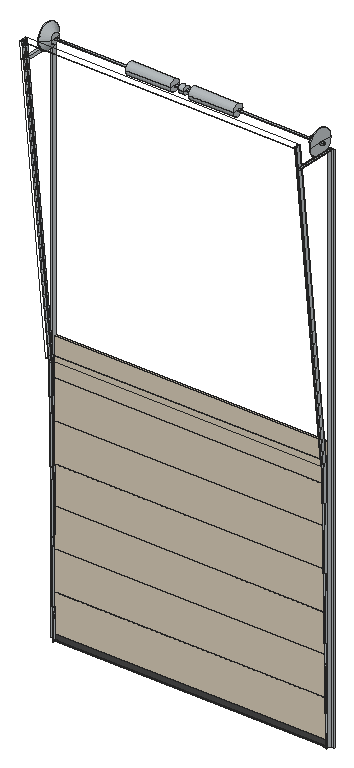
Revit family "Door_Sectional_Clopay_Insulated-VerticalTrack", category Doors, host Wall, Revit 2022
Family settings
  Host = Wall
  OmniClass Number = 23.30.10.17.37.14
  OmniClass Title = Sectional Overhead Doors
  Always vertical = Yes
  Cut with Voids When Loaded = No
  Shared = No
  Room Calculation Point = No
Parameters (values of type "ByType")
  intDepth [instance] = (Height + 1' 6") * -1  # -13' - 6"
  Wind Load = ""
  Water Penetration = ""
  Track Offset = 0' - 1"
  Track Material [instance] = Metal - Steel - Clopay - Galvanized
  TorsionWidth = Width + 0' 7"  # 12' - 7"
  Torsion Spring Height above Head [instance] = if(Breakaway Track, 0' 6", 1' 6")  # 0' - 6"
  Sound Transmission Class (STC) = 0
  Revision = "R1_09-2011"
  Rad [instance] = Thickness / 2  # 0' - 0 11/16"
  RO Offset = 0' - 0"
  Pass Door = no
  Panel Type_9 [instance] = Door Panel : Standard
  Panel Type_8 [instance] = Door Panel : Standard
  Panel Type_7 [instance] = Door Panel : Standard
  Panel Type_6 [instance] = Door Panel : Standard
  Panel Type_5 [instance] = Door Panel : Standard
  Panel Type_4 [instance] = Door Panel : Standard
  Panel Type_3 [instance] = Door Panel : Standard
  Panel Type_2 [instance] = Door Panel : Standard
  Panel Type_11 [instance] = Door Panel : Standard
  Panel Type_10 [instance] = Door Panel : Standard
  Panel Type_1 [instance] = Door Panel : Standard
  Panel Height = Height / NumPanels  # 1' - 8.57143"
  P9 = NumPanels > 8  # no
  P8 = NumPanels > 7  # no
  P7 = NumPanels > 6  # yes
  P6 = NumPanels > 5  # yes
  P5 = NumPanels > 4  # yes
  P4 = NumPanels > 3  # yes
  P11 = NumPanels > 10  # no
  P10 = NumPanels > 9  # no
  Operator_Jackshaft Right [instance] = no
  Operator_Jackshaft Left [instance] = no
  Opening Width = 12' - 0"
  Opening Height = 12' - 0"
  NumPanels_Standard = if(Height < 6' 3", 3, if(Height < 8' 3", 4, if(Height < 10' 3", 5, if(Height < 12' 3", 6, if(Height < 14' 3", 7, if(Height < 16' 3", 8, if(Height < 18' 3", 9, 10)))))))  # 6
  NumPanels_3211 = if(Height < 4' 6", 2, if(Height < 6' 0", 3, if(Height < 7' 6", 4, if(Height < 9' 0", 5, if(Height < 10' 9", 6, if(Height < 12' 6", 7, if(Height < 14' 3", 8, if(Height < 16' 0", 9, if(Height > 17' 9", 10, 11)))))))))  # 7
  NumPanels = if([3211 Spacing], NumPanels_3211, NumPanels_Standard)  # 7
  Maximum Size = "Consult Clopay Specifications & Shop Drawings"
  Lock Right [instance] = no
  Lock Left [instance] = no
  Jackshaft Offset [instance] = 0' - 5"
  Hardware Finish = Metal - Steel - Clopay - Galvanized
  Function = Interior
  Frame Finish = Metal - Steel - Clopay - Stucco Emboss - Tan
  Double Torsion Shaft [instance] = no
  Door Width = Opening Width + (Track Offset * 2)  # 12' - 2"
  Door Height = Opening Height  # 12' - 0"
  Door Glazing = Glass - Insulated - Clopay - Clear Tempered
  DblWidth = TorsionWidth + 1' 0"  # 13' - 7"
  Building Code Conformance = ""
  Breakaway Track [instance] = yes
  Breakaway Bottom Section = no
  Bottom Astragal Material [instance] = Rubber - Clopay - Black
  Bottom Astragal Height [instance] = 0' - 3 1/2"
  Air Infiltration = ""
  ASTM Conformance = ""
  Panel Width [instance] = Width + (Track Offset * 2)  # 12' - 2"
  Panel Material = Metal - Steel - Clopay - Stucco Emboss - Tan
  Manufacturer Phone = "513-770-4800 "
  Warranty Duration (Years) = 0
  URL = "http://www.clopaydoor.com/"
  Thickness = 0' - 1 3/8"
  Test Data = ""
  Specification = "http://www.arcat.com/sd/clients/clopay.html?coid=31487"
  SpecWizard = "http://www.arcat.com/specwizard/clients/clopay.html?coid=31487"
  Send Message = "http://www.clopaydoor.com/"
  Sales Information = "http://www.clopaydoor.com/contact-us.aspx"
  Rough Width = (Width + (RO Offset * 2))  # 12' - 0"
  Rough Height = (Height + (RO Offset))  # 12' - 0"
  R_Value = 0
  Product Properties = ""
  Product Data = "http://www.arcat.com/arcatcos/cos31/arc31487.html?isac=1&r=1"
  Manufacturer Website = "http://www.arcat.com/users.pl?action=UserEmail&company=Clopay%20Building%20Products%20Company&coid=31487&rep=114&fax=513-770-3519&mf="
  Manufacturer Phone - Toll Free = "800-526-4301 "
  Manufacturer Fax = "513-770-3519"
  Manufacturer Address = "8585 Duke Blvd. Mason, OH 45040-3101"
  Maintenance Schedule (Months) = 0
  Installation-Fabrication = ""
  Installation Phase = ""
  Green Building-LEED = "http://www.arcat.com/green/clients/leed_data_31487.html"
  Model = "As Specified"
  Manufacturer = "Clopay Building Products Company"
  Keynote = "08360"
  Height = Opening Height  # 12' - 0"
  Wall Closure = By host
  Width = Opening Width  # 12' - 0"
  Fire Rating = ""
  Expected Lifespan (Years) = 0
  Drawn By = "Sumex Design, Inc. / Robert S. Weygant, CSI, CDT, SCIP"
  Description = "Clopay Overhead Door as Specified"
  Copyright = "©Arcat Inc."
  Construction Details = "http://www.arcat.com/details/clopay/clopay.html?coid=31487"
  Building Codes = ""
  Assembly Code = "B2030410"
  ADA Compliant = yes
  AAMA Designation = ""
  3211 Spacing = yes
  3" Track [instance] = no
Reference planes (in)
  plane 1 "Center (Front/Back)": y = -34.08725
  plane 2 "Center (Left/Right)": x = 64.28704
  plane 3: z = 0
  plane 4 "Right": x = 136.28704
  plane 5 "Left": x = -7.71296
  plane 6: z = 0
  plane 7 "Top of Frame": z = 144
  plane 8 "RO Top": z = 144
  plane 9 "RO Right": x = 136.28704
  plane 10 "RO Left": x = -7.71296
  plane 11 "Exterior Wall Face": y = -31.08725
  plane 12 "Interior Wall Face": y = -37.08725
  plane 13: x = -8.71296
  plane 14: x = 137.28704
  plane 15: z = 24.07143
  plane 16: z = 44.64286
  plane 17: z = 65.21429
  plane 18: z = 85.78571
  plane 19: z = 106.35714
  plane 20: z = 126.92857
  plane 21: z = 147.5
  plane 22: y = -37.58725
  plane 23: z = 3.5
  plane 24: y = -38.96225
  plane 25: z = 288
  plane 26: z = 168.07143
  plane 27: z = 188.64286
  plane 28: x = 80.28704
  plane 29: x = 48.28704
  plane 30: z = 80
  plane 31: z = 40
  plane 32: z = 209.21429
  plane 33: z = 294
  plane 34: z = 306
  plane 35: x = -12.71296
  plane 36: x = 141.28704
  plane 37: z = 297
Forms (in)
  Extrusion 1, solid, material "Rubber - Clopay - Black" <- "Bottom Astragal Material"
    sketch origin (-8.71296, -26.43241, 48) x (0, 1, 0) y (0, 0, 1)
      loop
        line (-11.15484, -44.5) -> (-12.52984, -44.5) -> (-12.52984, -47.3125)
        arc (-12.52984, -47.3125) -> (-11.84234, -48) -> (-11.15484, -47.3125) r 0.6875
        line (-11.15484, -47.3125) -> (-11.15484, -44.5)
    from 0 to 146
  Extrusion 2, solid, material "Metal - Steel - Clopay - Galvanized" <- "Hardware Finish", visible <- "Lock Left"
    sketch origin (-270, -38.96225, -0.15636) x (0, 0, -1) y (-1, 0, 0)
      loop
        line (-39.15636, -263.35085) -> (-39.15636, -267.35085) -> (-36.15636, -267.35085) -> (-36.15636, -263.35085) -> (-39.15636, -263.35085)
    from 0 to -1.5
  Extrusion 3, solid, material "Metal - Steel - Clopay - Galvanized" <- "Hardware Finish", visible <- "Lock Right"
    sketch origin (398.57407, -38.96225, -0.15636) x (0, 0, -1) y (-1, 0, 0)
      loop
        line (-39.15636, 263.35085) -> (-36.15636, 263.35085) -> (-36.15636, 267.35085) -> (-39.15636, 267.35085) -> (-39.15636, 263.35085)
    from 0 to -1.5
  Extrusion 4, solid
    sketch origin (138.28704, -59.98895, 299.04277) x (0, 0.994163, 0.107886) y (-1, 0, 0)
      loop
        line (3, 0) -> (3, 148) -> (-1, 148) -> (-1, 0) -> (3, 0)
    from 0 to -162 <- "intDepth"
Lines and regions (in)
  Opening 1
    outline origin (-109.33485, -37.08725, 0) x (1, 0, 0) y (0, 0, 1)
      loop
        line (101.62189, 0) -> (245.62189, 0) -> (245.62189, 144) -> (101.62189, 144) -> (101.62189, 0)
  symbolic lines, style "Elevation Swing"
    curve 1: line (48.28704, -38.96225, 80) -> (80.28704, -38.96225, 40)
    curve 2: line (80.28704, -38.96225, 40) -> (48.28704, -38.96225, 0)
Text (in)
  text "Exterior" at (50.54558, 62.1328, 0), in view "A101 - Plan View"
  text "Interior" at (50.54558, -116.72319, 0), in view "A101 - Plan View"
  text "Exterior" at (0, -17.98638, 123.01588), in view "Right"
  text "Interior" at (0, -64.39139, 123.01588), in view "Right"
  text "Interior" at (0, -52.09468, 121.14095), in view "Left"
  text "Exterior" at (0, 26.35325, 123.00693), in view "Left"
Dimensions and locks (in)
  equal spacing: plane 4 "Right", plane 2 "Center (Left/Right)", plane 5 "Left"
  "Width": plane 5 "Left" to plane 4 "Right"
  "Height": level to plane 7 "Top of Frame"
  "RO Offset": plane 5 "Left" to plane 10 "RO Left"
  "RO Offset": plane 9 "RO Right" to plane 4 "Right"
  "RO Offset": plane 8 "RO Top" to plane 7 "Top of Frame"
  "Track Offset": plane 9 "RO Right" to plane 14
  "Track Offset": plane 13 to plane 5 "Left"
  locked: nested 3 to plane 12 "Interior Wall Face" at 6
  "Panel Height": plane 23 to plane 15
  "Panel Height": plane 15 to plane 16
  "Panel Height": plane 16 to plane 17
  "Panel Height": plane 17 to plane 18
  "Panel Height": plane 18 to plane 19
  "Panel Height": plane 19 to plane 20
  "Panel Height": plane 20 to plane 21
  locked: plane 12 "Interior Wall Face" to plane 22 at 0.5
  "Bottom Astragal Height": level to plane 23
  "Thickness": plane 22 to plane 24
  "Rad": Extrusion 1 sketch curve to level
  Extrusion 2 sketch curve to Extrusion 2 sketch curve to level = 0' - 3" locked, 3' - 0" locked
  Extrusion 3 sketch curve to Extrusion 3 sketch curve to level = 0' - 3" locked, 3' - 0" locked
  "Height": plane 25 to plane 8 "RO Top"
  "Torsion Spring Height above Head": plane 33 to plane 25
  "Panel Height": plane 21 to plane 26
  "Panel Height": plane 26 to plane 27
  locked: level to plane 30 at 80
  plane 29 to plane 2 "Center (Left/Right)" to plane 28 = 1' - 4" locked, 1' - 4" locked
  equal spacing: plane 30, plane 31, level
  "Panel Height": plane 32 to plane 27
  locked: plane 34 to plane 33 at 12
  locked: plane 12 "Interior Wall Face" to nested 15 at 6
  Extrusion 4 sketch curve to Extrusion 4 sketch curve = 0' - 4"
  locked: plane 14 to Extrusion 4 sketch curve at 1
  locked: Extrusion 4 sketch curve to plane 13 at 1
  locked: plane 37 to plane 33 at 3
  "Jackshaft Offset": plane 5 "Left" to plane 35
  "Jackshaft Offset": plane 36 to plane 4 "Right"
  "Rad": radius of Extrusion 1 sketch curve
  aligned and locked: host wall to plane 1 "Center (Front/Back)"
  aligned and locked: Opening 1 sketch curve to level
  aligned and locked: plane 9 "RO Right" to Opening 1 sketch curve
  aligned and locked: plane 10 "RO Left" to Opening 1 sketch curve
  aligned and locked: Opening 1 sketch curve to plane 8 "RO Top"
  aligned and locked: host wall to plane 11 "Exterior Wall Face"
  aligned and locked: host wall to plane 12 "Interior Wall Face"
  aligned and locked: nested 1 to plane 13
  aligned and locked: nested 1 to plane 12 "Interior Wall Face"
  aligned and locked: nested 2 to plane 14
  aligned and locked: nested 2 to plane 12 "Interior Wall Face"
  aligned and locked: plane 2 "Center (Left/Right)" to nested 3
  aligned and locked: plane 2 "Center (Left/Right)" to nested 4
  aligned and locked: plane 15 to nested 5
  aligned and locked: plane 16 to nested 6
  aligned and locked: plane 17 to nested 7
  aligned and locked: plane 18 to nested 8
  aligned and locked: plane 19 to nested 9
  aligned and locked: plane 20 to nested 10
  aligned and locked: plane 21 to nested 11
  aligned and locked: plane 22 to nested 4
  aligned and locked: plane 22 to nested 5
  aligned and locked: plane 22 to nested 6
  aligned and locked: plane 22 to nested 7
  aligned and locked: plane 22 to nested 8
  aligned and locked: plane 22 to nested 9
  aligned and locked: plane 22 to nested 10
  aligned and locked: plane 22 to nested 11
  aligned and locked: plane 23 to nested 4
  aligned and locked: plane 14 to Extrusion 1
  aligned and locked: plane 26 to nested 12
  aligned and locked: plane 27 to nested 13
  aligned and locked: nested 12 to plane 22
  aligned and locked: nested 13 to plane 22
  aligned and locked: nested 14 to plane 22
  aligned and locked: plane 2 "Center (Left/Right)" to nested 14
  aligned and locked: plane 32 to nested 14
  aligned and locked: plane 34 to nested 15
  aligned and locked: plane 33 to nested 3
  aligned and locked: plane 37 to nested 17
  aligned and locked: plane 36 to nested 17
  aligned and locked: plane 35 to nested 16
  aligned and locked: plane 37 to nested 16
Automatic sketch dimensions
  Extrusion 1 sketch curve to plane 23 = 0' - 0"
  Extrusion 1 sketch curve to plane 24 = 0' - 0"
  Extrusion 2 sketch curve to plane 5 "Left" = 0' - 5.06381"
  Extrusion 2 sketch curve to plane 5 "Left" = 0' - 1.06381"
  plane 4 "Right" to Extrusion 3 sketch curve = 0' - 1.06381"
  Extrusion 3 sketch curve to Extrusion 3 sketch curve = 0' - 4"
  curve 1 to plane 29 = 0' - 0"
  curve 1 to plane 30 = 0' - 0"
  curve 2 to plane 31 = 0' - 0"
  curve 1 to plane 28 = 0' - 0"
  curve 2 to level = 0' - 0"
  curve 2 to plane 29 = 0' - 0"
  nested 2 to Extrusion 4 sketch curve = 0' - 2 15/16"
Nested families (in)
  nested 1: "Track_SectionalDoor_Clopay_Vertical" at (-8.71296, -47.9957, 0), Opening Height <- "Height", Track Material <- "Track Material", 3" Track <- "3" Track", Breakaway <- "Breakaway Track", type "ByType"
    with sptLegth 1' - 9.43686", VertSlope 1.19349°, Vert Travel 0' - 6 1/4", Vert Overall 0' - 8 5/8", TrackHeight 25' - 0", Track Material Metal - Steel - Clopay - Galvanized, TopLength 13' - 8", Opening Height 12' - 0", Breakaway Angle 5.00°, Breakaway yes, BreakOffset 1' - 4.60353", BaseOffset 0' - 2.83333", 3" Track no
  nested 2: "Track_SectionalDoor_Clopay_Vertical" at (137.28704, -47.9957, 0) x (-1, 0, 0) z (0, 0, 1), Opening Height <- "Height", Track Material <- "Track Material", 3" Track <- "3" Track", Breakaway <- "Breakaway Track", type "ByType"
    with sptLegth 1' - 9.43686", VertSlope 1.19349°, Vert Travel 0' - 6 1/4", Vert Overall 0' - 8 5/8", TrackHeight 25' - 0", Track Material Metal - Steel - Clopay - Galvanized, TopLength 13' - 8", Opening Height 12' - 0", Breakaway Angle 5.00°, Breakaway yes, BreakOffset 1' - 4.60353", BaseOffset 0' - 2.83333", 3" Track no
  nested 3: "TorsionAssembly_Vlift" at (64.28704, -43.08725, 294), Material <- "Track Material", Unit Width <- "TorsionWidth", type "TorsionAssembly_Vlift"
    with offset 0' - 0", Unit Width 12' - 7", Material Metal - Steel - Clopay - Galvanized, End Extension 0' - 0"
  nested 4: "Door Panel" at (64.28704, -38.27475, 3.5), Material - Trim <- "Frame Finish", Material - Panel <- "Panel Material", Glass Type <- "Door Glazing", Unit Width <- "Panel Width", Unit Height <- "Panel Height", Unit Depth <- "Thickness", type <- "Panel Type_1", type "Standard"
    with Vision Panel Num 0, Vision Panel Calc 3, VPSpace 13' - 2", VP Actual 2, Unit Width 12' - 2", Unit Height 1' - 8.57143", Unit Depth 0' - 1 3/8", SingleWindow no, PanelsC 3, PanelsB 3, PanelsA 3, Ofst 1' - 0", MultiWindow no, Material - Trim Metal - Steel - Clopay - Stucco Emboss - Tan, Material - Panel Metal - Steel - Clopay - Stucco Emboss - Tan, Glass Type Glass - Insulated - Clopay - Clear Tempered, Vision C no, Vision Panel Width 2' - 0", Vision Panels no
  nested 5: "Door Panel" at (64.28704, -38.27475, 24.07143), Material - Trim <- "Frame Finish", Material - Panel <- "Panel Material", Glass Type <- "Door Glazing", Unit Width <- "Panel Width", Unit Height <- "Panel Height", Unit Depth <- "Thickness", type <- "Panel Type_2", type "Standard"
    with Vision Panel Num 0, Vision Panel Calc 3, VPSpace 13' - 2", VP Actual 2, Unit Width 12' - 2", Unit Height 1' - 8.57143", Unit Depth 0' - 1 3/8", SingleWindow no, PanelsC 3, PanelsB 3, PanelsA 3, Ofst 1' - 0", MultiWindow no, Material - Trim Metal - Steel - Clopay - Stucco Emboss - Tan, Material - Panel Metal - Steel - Clopay - Stucco Emboss - Tan, Glass Type Glass - Insulated - Clopay - Clear Tempered, Vision C no, Vision Panel Width 2' - 0", Vision Panels no
  nested 6: "Door Panel" at (64.28704, -38.27475, 44.64286), Material - Trim <- "Frame Finish", Material - Panel <- "Panel Material", Glass Type <- "Door Glazing", Unit Width <- "Panel Width", Unit Height <- "Panel Height", Unit Depth <- "Thickness", type <- "Panel Type_3", type "Standard"
    with Vision Panel Num 0, Vision Panel Calc 3, VPSpace 13' - 2", VP Actual 2, Unit Width 12' - 2", Unit Height 1' - 8.57143", Unit Depth 0' - 1 3/8", SingleWindow no, PanelsC 3, PanelsB 3, PanelsA 3, Ofst 1' - 0", MultiWindow no, Material - Trim Metal - Steel - Clopay - Stucco Emboss - Tan, Material - Panel Metal - Steel - Clopay - Stucco Emboss - Tan, Glass Type Glass - Insulated - Clopay - Clear Tempered, Vision C no, Vision Panel Width 2' - 0", Vision Panels no
  nested 7: "Door Panel" at (64.28704, -38.27475, 65.21429), Material - Panel <- "Panel Material", Glass Type <- "Door Glazing", Unit Width <- "Panel Width", Unit Height <- "Panel Height", Unit Depth <- "Thickness", visible <- "P4", type <- "Panel Type_4", Material - Trim <- "Panel Material", type "Standard"
    with Vision Panel Num 0, Vision Panel Calc 3, VPSpace 13' - 2", VP Actual 2, Unit Width 12' - 2", Unit Height 1' - 8.57143", Unit Depth 0' - 1 3/8", SingleWindow no, PanelsC 3, PanelsB 3, PanelsA 3, Ofst 1' - 0", MultiWindow no, Material - Trim Metal - Steel - Clopay - Stucco Emboss - Tan, Material - Panel Metal - Steel - Clopay - Stucco Emboss - Tan, Glass Type Glass - Insulated - Clopay - Clear Tempered, Vision C no, Vision Panel Width 2' - 0", Vision Panels no
  nested 8: "Door Panel" at (64.28704, -38.27475, 85.78571), Material - Trim <- "Frame Finish", Material - Panel <- "Panel Material", Glass Type <- "Door Glazing", Unit Width <- "Panel Width", Unit Height <- "Panel Height", Unit Depth <- "Thickness", visible <- "P5", type <- "Panel Type_5", type "Standard"
    with Vision Panel Num 0, Vision Panel Calc 3, VPSpace 13' - 2", VP Actual 2, Unit Width 12' - 2", Unit Height 1' - 8.57143", Unit Depth 0' - 1 3/8", SingleWindow no, PanelsC 3, PanelsB 3, PanelsA 3, Ofst 1' - 0", MultiWindow no, Material - Trim Metal - Steel - Clopay - Stucco Emboss - Tan, Material - Panel Metal - Steel - Clopay - Stucco Emboss - Tan, Glass Type Glass - Insulated - Clopay - Clear Tempered, Vision C no, Vision Panel Width 2' - 0", Vision Panels no
  nested 9: "Door Panel" at (64.28704, -38.27475, 106.35714), Material - Trim <- "Frame Finish", Material - Panel <- "Panel Material", Glass Type <- "Door Glazing", Unit Width <- "Panel Width", Unit Height <- "Panel Height", Unit Depth <- "Thickness", visible <- "P6", type <- "Panel Type_6", type "Standard"
    with Vision Panel Num 0, Vision Panel Calc 3, VPSpace 13' - 2", VP Actual 2, Unit Width 12' - 2", Unit Height 1' - 8.57143", Unit Depth 0' - 1 3/8", SingleWindow no, PanelsC 3, PanelsB 3, PanelsA 3, Ofst 1' - 0", MultiWindow no, Material - Trim Metal - Steel - Clopay - Stucco Emboss - Tan, Material - Panel Metal - Steel - Clopay - Stucco Emboss - Tan, Glass Type Glass - Insulated - Clopay - Clear Tempered, Vision C no, Vision Panel Width 2' - 0", Vision Panels no
  nested 10: "Door Panel" at (64.28704, -38.27475, 126.92857), Material - Trim <- "Frame Finish", Material - Panel <- "Panel Material", Glass Type <- "Door Glazing", Unit Width <- "Panel Width", Unit Height <- "Panel Height", Unit Depth <- "Thickness", visible <- "P7", type <- "Panel Type_7", type "Standard"
    with Vision Panel Num 0, Vision Panel Calc 3, VPSpace 13' - 2", VP Actual 2, Unit Width 12' - 2", Unit Height 1' - 8.57143", Unit Depth 0' - 1 3/8", SingleWindow no, PanelsC 3, PanelsB 3, PanelsA 3, Ofst 1' - 0", MultiWindow no, Material - Trim Metal - Steel - Clopay - Stucco Emboss - Tan, Material - Panel Metal - Steel - Clopay - Stucco Emboss - Tan, Glass Type Glass - Insulated - Clopay - Clear Tempered, Vision C no, Vision Panel Width 2' - 0", Vision Panels no
  nested 11: "Door Panel" at (64.28704, -38.27475, 147.5), Material - Trim <- "Frame Finish", Material - Panel <- "Panel Material", Glass Type <- "Door Glazing", Unit Width <- "Panel Width", Unit Height <- "Panel Height", Unit Depth <- "Thickness", visible <- "P8", type <- "Panel Type_8", type "Standard"
    with Vision Panel Num 0, Vision Panel Calc 3, VPSpace 13' - 2", VP Actual 2, Unit Width 12' - 2", Unit Height 1' - 8.57143", Unit Depth 0' - 1 3/8", SingleWindow no, PanelsC 3, PanelsB 3, PanelsA 3, Ofst 1' - 0", MultiWindow no, Material - Trim Metal - Steel - Clopay - Stucco Emboss - Tan, Material - Panel Metal - Steel - Clopay - Stucco Emboss - Tan, Glass Type Glass - Insulated - Clopay - Clear Tempered, Vision C no, Vision Panel Width 2' - 0", Vision Panels no
  nested 12: "Door Panel" at (64.28704, -38.27475, 168.07143), Material - Trim <- "Frame Finish", Material - Panel <- "Panel Material", Glass Type <- "Door Glazing", Unit Width <- "Panel Width", Unit Height <- "Panel Height", Unit Depth <- "Thickness", visible <- "P9", type <- "Panel Type_9", type "Standard"
    with Vision Panel Num 0, Vision Panel Calc 3, VPSpace 13' - 2", VP Actual 2, Unit Width 12' - 2", Unit Height 1' - 8.57143", Unit Depth 0' - 1 3/8", SingleWindow no, PanelsC 3, PanelsB 3, PanelsA 3, Ofst 1' - 0", MultiWindow no, Material - Trim Metal - Steel - Clopay - Stucco Emboss - Tan, Material - Panel Metal - Steel - Clopay - Stucco Emboss - Tan, Glass Type Glass - Insulated - Clopay - Clear Tempered, Vision C no, Vision Panel Width 2' - 0", Vision Panels no
  nested 13: "Door Panel" at (64.28704, -38.27475, 188.64286), Material - Trim <- "Frame Finish", Material - Panel <- "Panel Material", Glass Type <- "Door Glazing", Unit Width <- "Panel Width", Unit Height <- "Panel Height", Unit Depth <- "Thickness", visible <- "P10", type <- "Panel Type_10", type "Standard"
    with Vision Panel Num 0, Vision Panel Calc 3, VPSpace 13' - 2", VP Actual 2, Unit Width 12' - 2", Unit Height 1' - 8.57143", Unit Depth 0' - 1 3/8", SingleWindow no, PanelsC 3, PanelsB 3, PanelsA 3, Ofst 1' - 0", MultiWindow no, Material - Trim Metal - Steel - Clopay - Stucco Emboss - Tan, Material - Panel Metal - Steel - Clopay - Stucco Emboss - Tan, Glass Type Glass - Insulated - Clopay - Clear Tempered, Vision C no, Vision Panel Width 2' - 0", Vision Panels no
  nested 14: "Door Panel" at (64.28704, -38.27475, 209.21429), Material - Trim <- "Frame Finish", Material - Panel <- "Panel Material", Glass Type <- "Door Glazing", Unit Width <- "Panel Width", Unit Height <- "Panel Height", Unit Depth <- "Thickness", visible <- "P11", type <- "Panel Type_11", type "Standard"
    with Vision Panel Num 0, Vision Panel Calc 3, VPSpace 13' - 2", VP Actual 2, Unit Width 12' - 2", Unit Height 1' - 8.57143", Unit Depth 0' - 1 3/8", SingleWindow no, PanelsC 3, PanelsB 3, PanelsA 3, Ofst 1' - 0", MultiWindow no, Material - Trim Metal - Steel - Clopay - Stucco Emboss - Tan, Material - Panel Metal - Steel - Clopay - Stucco Emboss - Tan, Glass Type Glass - Insulated - Clopay - Clear Tempered, Vision C no, Vision Panel Width 2' - 0", Vision Panels no
  nested 15: "TorsionAssembly_Vlift" at (64.28704, -43.08725, 306), Material <- "Track Material", Unit Width <- "DblWidth", visible <- "Double Torsion Shaft", type "TorsionAssembly_Vlift"
    with offset 0' - 0", Unit Width 13' - 7", Material Metal - Steel - Clopay - Galvanized, End Extension 0' - 6"
  nested 16: "Opener" at (-18.71296, -37.08725, 285) x (1, 0, 0) z (0, -1, 0), Material <- "Hardware Finish", visible <- "Operator_Jackshaft Left", type "Jackshaft"
    with offset 0' - 0", Material Metal - Steel - Clopay - Galvanized, Unit Width 1' - 0", Unit Depth 1' - 0"
  nested 17: "Opener" at (147.28704, -37.08725, 285) x (1, 0, 0) z (0, -1, 0), Material <- "Hardware Finish", visible <- "Operator_Jackshaft Right", type "Jackshaft"
    with offset 0' - 0", Material Metal - Steel - Clopay - Galvanized, Unit Width 1' - 0", Unit Depth 1' - 0"
Definition of nested family "Track_SectionalDoor_Clopay_Vertical"
  Parameters
    sptLegth [instance] = BaseOffset + BreakOffset + 0' 2"  # 1' - 6.33239"
    Width = 0' - 0"
    Warranty Duration (Years) = 0
    VertSlope [instance] = atan(0.25 / 12)  # 1.19349°
    Vert Travel [instance] = (TrackHeight) * tan(VertSlope)  # 0' - 5 1/4"
    Vert Overall [instance] = Vert Travel + 0' 2 3/8"  # 0' - 7 5/8"
    URL = "http://www.clopaydoor.com/"
    TrackHeight [instance] = TopLength + (Opening Height - 0' 8")  # 21' - 0"
    Track Material [instance] = none
    TopLength [instance] = if(Breakaway Angle = 0.00°, Opening Height + 0' 8" + 0' 1", Opening Height + 0' 8" + 1' 0")  # 11' - 8"
    Thickness = 0' - 0"
    Specification = "http://www.arcat.com/sd/clients/clopay.html?coid=31487"
    SpecWizard = "http://www.arcat.com/specwizard/clients/clopay.html?coid=31487"
    Send Message = "http://www.arcat.com/users.pl?action=UserEmail&company=Clopay%20Building%20Products%20Company&coid=31487&rep=114&fax=513-770-3519&mf="
    Sales Information = "http://www.clopaydoor.com/contact-us.aspx"
    Revision = "R1_09-2011"
    Product Properties = ""
    Product Data = "http://www.arcat.com/arcatcos/cos31/arc31487.html?isac=1&r=1"
    Opening Height [instance] = 10' - 0"
    Model = "As Specified"
    Manufacturer Website = "http://www.clopaydoor.com/"
    Manufacturer Phone - Toll Free = "800-526-4301"
    Manufacturer Phone = "513-770-4800"
    Manufacturer Fax = "513-770-3519"
    Manufacturer Address = "8585 Duke Blvd. Manson, OH 45040-3101"
    Manufacturer = "Clopay Building Products Company"
    Maintenance Schedule (Months) = 0
    Keynote = "08360"
    Installation-Fabrication = ""
    Installation Phase = ""
    Height = 0' - 0"
    Green Building-LEED = "http://www.arcat.com/green/clients/leed_data_31487.html"
    Expected Lifespan (Years) = 0
    Drawn By = "Sumex Design, Inc. / Robert S. Weygant, CSI, CDT, SCIP"
    Description = "Clopay Door as Specified"
    Copyright = "©Arcat Inc."
    Construction Details = "http://www.arcat.com/details/clopay/clopay.html?coid=31487"
    Breakaway Angle [instance] = if(Breakaway, 5.00°, 0.00°)  # 5.00°
    Breakaway [instance] = yes
    BreakOffset [instance] = (TrackHeight - 0' 11" - Opening Height + 0' 8") * tan(VertSlope + Breakaway Angle)  # 1' - 1.99905"
    BaseOffset [instance] = (Opening Height - 0' 8") * tan(VertSlope)  # 0' - 2.33333"
    3" Track [instance] = no
    Assembly Code = "B2030410"
  Reference planes (in)
    plane 1 "Center (Front/Back)": y = 10.90846
    plane 2: z = 0
    plane 3 "Center (Left/Right)": x = 0
    plane 4: z = 0
    plane 5: z = 0
    plane 6: z = 0
    plane 7: z = 0
    plane 8: z = 0
    plane 9: y = 3.28346
    plane 10 "Bracket": x = -1
    plane 11: z = 120
    plane 12: z = 252
    plane 13: y = 8.53346
    plane 14: z = 112
  Forms (in)
    Sweep 1, solid, material <- "Track Material"
      path origin (-1, 4.05509, 48) x (0, 1, 0) y (0, 0, 1)
        loop
          line (4.47835, -47.99915) -> (2.14503, 64) -> (-12.95906, 203.18285)
      profile "P_Track : P_Track" origin (-1, 7.36678, 56.00043) x (0, -0.999783, -0.020829) y (1, 0, 0)
        loop
          line (-2, 1) -> (-2, 0) -> (-0.62484, 0) -> (-0.20263, 0.18798)
          arc (-0.20263, 0.18798) -> (0, 0.5) -> (-0.20263, 0.81202) r 0.34155
          line (-0.20263, 0.81202) -> (-0.48052, 0.93574) -> (-0.50594, 0.87865) -> (-0.22805, 0.75492)
          arc (-0.22805, 0.75492) -> (-0.0625, 0.5) -> (-0.22805, 0.24508) r 0.27905
          line (-0.22805, 0.24508) -> (-0.63812, 0.0625) -> (-1.9375, 0.0625) -> (-1.9375, 1) -> (-2, 1)
    Extrusion 2, solid, material <- "Track Material"
      sketch origin (0, 0, 0) x (1, 0, 0) y (0, 1, 0)
        loop
          line (-1, 10.90846) -> (-3.25, 10.90846) -> (-3.25, 10.78346) -> (-1.125, 10.78346) -> (-1.125, 9.28346) -> (-1, 9.28346) -> (-1, 10.90846)
      from 0 to 241
    Sweep 3, solid, material <- "Track Material"
      path origin (-1, 4.05509, 48) x (0, 1, 0) y (0, 0, 1)
        loop
          line (-11.47902, 193) -> (6.72837, 193)
      profile origin (-1, 1.67976, 241) x (0, 0, 1) y (1, 0, 0)
        loop
          line (0, 0) -> (-1.48699, 0) -> (-1.48699, -0.125) -> (-0.11199, -0.125) -> (-0.11199, -1.5) -> (0, -1.5) -> (0, 0)
  Lines and regions (in)
    reference lines
      curve 1: line (-1, 8.53346, 0) -> (-1, 5.57576, 141.96919)
      curve 2: line (-1, 6.20012, 112) -> (-1, 0.48214, 164.69065)
      curve 3: line (-1, 6.20012, 112) -> (-1, 4.2118, 111.78423)
  Dimensions and locks (in)
    equal spacing: plane 4, plane 5, plane 6, plane 7, plane 8, level
    "Height": plane 4 to level
    locked: plane 10 "Bracket" to plane 3 "Center (Left/Right)" at 1
    "Opening Height": plane 11 to level
    "Vert Overall": plane 1 "Center (Front/Back)" to plane 9
    locked: plane 13 to plane 1 "Center (Front/Back)" at 2.375
    locked: plane 12 to Extrusion 2 at 11
    "TrackHeight": plane 12 to level
    locked: plane 12 to Sweep 3 sketch curve at 11
    locked: plane 11 to plane 14 at 8
    "TopLength": curve 3 to Sweep 1 sketch curve
    "sptLegth": plane 1 "Center (Front/Back)" to Sweep 3 sketch curve
    "VertSlope": angle curve 1 to plane 13
    "Breakaway Angle": angle curve 2 to curve 1
    aligned and locked: curve 1 to Sweep 1 sketch curve
    aligned and locked: Sweep 1 sketch curve to curve 2
  Automatic sketch dimensions
    Extrusion 2 sketch curve to plane 1 "Center (Front/Back)" = 0' - 0"
    Extrusion 2 sketch curve to plane 10 "Bracket" = 0' - 0"
    Extrusion 2 sketch curve to Extrusion 2 sketch curve = 0' - 0 1/8"  (x2)
    Extrusion 2 sketch curve to Extrusion 2 sketch curve = 0' - 2 1/8"
    plane 13 to Extrusion 2 sketch curve = 0' - 0 3/4"
    plane 1 "Center (Front/Back)" to Sweep 3 sketch curve = 0' - 0 1/8"
    Sweep 3 sketch curve to plane 10 "Bracket" = 0' - 0"
    Sweep 3 sketch curve to profile plane = 0' - 0"
    profile plane to Sweep 3 sketch curve = 0' - 0.11199"
    Sweep 3 sketch curve to plane 10 "Bracket" = 0' - 0 1/8"
    Sweep 3 sketch curve to Sweep 3 sketch curve = 0' - 1 3/8"  (x2)
    curve 2 to plane 14 = 0' - 0"
    curve 1 to level = 0' - 0"
    curve 1 to plane 13 = 0' - 0"
    Sweep 1 sketch curve to plane 13 = 0' - 0"
    curve 3 to curve 2 = 0' - 0"  (x2)
    curve 2 to curve 3 = 0' - 2"
Definition of nested family "TorsionAssembly_Vlift"
  Parameters
    offset [instance] = 0' - 0"
    Warranty Duration (Years) = 0
    Vertical Lift = yes
    Unit Width [instance] = 12' - 0"
    Unit Height = 0' - 9 1/2"
    Unit Depth = Unit Height  # 0' - 9 1/2"
    URL = "http://www.clopaydoor.com/"
    Standard = no
    Spring Width = 2' - 0"
    Specification = "http://www.arcat.com/sd/clients/clopay.html?coid=31487"
    SpecWizard = "http://www.arcat.com/specwizard/clients/clopay.html?coid=31487"
    Send Message = "http://www.arcat.com/users.pl?action=UserEmail&company=Clopay%20Building%20Products%20Company&coid=31487&rep=114&fax=513-770-3519&mf="
    Sales Information = "http://www.clopaydoor.com/contact-us.aspx"
    Revision = "R1_09-2011"
    Product Properties = ""
    Product Data = "http://www.arcat.com/arcatcos/cos31/arc31487.html?isac=1&r=1"
    Model = "As Specified"
    Material [instance] = none
    Manufacturer Website = "http://www.clopaydoor.com/"
    Manufacturer Phone - Toll Free = "800-526-4301 "
    Manufacturer Phone = "513-770-4800 "
    Manufacturer Fax = "513-770-3519"
    Manufacturer Address = "8585 Duke Blvd. Mason, OH 45040-3101"
    Manufacturer = "Clopay Building Products Company"
    Maintenance Schedule (Months) = 0
    Keynote = "08360"
    Installation-Fabrication = ""
    Installation Phase = ""
    High Lift = no
    Green Building-LEED = "http://www.arcat.com/green/clients/leed_data_31487.html"
    Expected Lifespan (Years) = 0
    End Extension [instance] = 0' - 0"
    Drawn By = "Sumex Design, Inc. / Robert S. Weygant, CSI, CDT, SCIP"
    Description = "Clopay Door as Specified"
    Copyright = "©Arcat Inc."
    Construction Details = "http://www.arcat.com/details/clopay/clopay.html?coid=31487"
    Assembly Code = "B2030410"
  Reference planes (in)
    plane 1 "Center (Front/Back)": y = 0
    plane 2 "Bottom": z = 0
    plane 3 "Center (Left/Right)": x = 0
    plane 4 "Front": y = -4.75
    plane 5 "Back": y = 4.75
    plane 6 "Left": x = -72
    plane 7 "Right": x = 72
    plane 8 "Top": z = 4.75
    plane 9: z = -4.75
    plane 10: x = -5
    plane 11: x = 5
    plane 12: x = -29
    plane 13: x = 29
    plane 14: x = 66
    plane 15: x = -66
  Forms (in)
    Revolve 1, solid, material <- "Material", visible <- "Vertical Lift"
      sketch origin (0, 0, 0) x (1, 0, 0) y (0, 1, 0)
        loop
          line (72, 0) -> (72, 0.5) -> (70, 0.5) -> (70, 6.75) -> (69.5, 6.75) -> (66.33203, 2.5) -> (66, 2.5) -> (66, 0.5) -> (29, 0.5) -> (29, 3) -> (5, 3) -> (5, 0.5) -> (1.375, 0.5) -> (1.375, 2) -> (-1.375, 2) -> (-1.375, 0.5) -> (-5, 0.5) -> (-5, 3) -> (-29, 3) -> (-29, 0.5) -> (-66, 0.5) -> (-66, 2.5) -> (-66.33203, 2.5) -> (-69.5, 6.75) -> (-70, 6.75) -> (-70, 0.5) -> (-72, 0.5) -> (-72, 0) -> (72, 0)
        axis (-72, 0) -> (72, 0)
      angle from 0 to 360
  Dimensions and locks (in)
    equal spacing: plane 6 "Left", plane 3 "Center (Left/Right)", plane 7 "Right"
    "Unit Width": plane 6 "Left" to plane 7 "Right"
    equal spacing: plane 5 "Back", plane 1 "Center (Front/Back)", plane 4 "Front"
    "Unit Depth": plane 5 "Back" to plane 4 "Front"
    equal spacing: plane 8 "Top", level, plane 9
    "Unit Height": plane 8 "Top" to plane 9
    plane 10 to plane 3 "Center (Left/Right)" to plane 11 = 0' - 5" locked, 0' - 5" locked
    "Spring Width": plane 11 to plane 13
    "Spring Width": plane 12 to plane 10
    "End Extension": Revolve 1 sketch curve to plane 6 "Left"
    "End Extension": plane 7 "Right" to Revolve 1 sketch curve
    locked: plane 6 "Left" to plane 15 at 6
    plane 14 to plane 7 "Right" = 0' - 6"
  Automatic sketch dimensions
    Revolve 1 sketch curve to plane 1 "Center (Front/Back)" = 0' - 0"  (x2)
    Revolve 1 sketch curve to plane 15 = 0' - 0"
    Revolve 1 sketch curve to plane 12 = 0' - 0"
    Revolve 1 sketch curve to plane 10 = 0' - 0"
    Revolve 1 sketch curve to plane 11 = 0' - 0"
    Revolve 1 sketch curve to plane 13 = 0' - 0"
    Revolve 1 sketch curve to plane 14 = 0' - 0"
    Revolve 1 sketch curve to Revolve 1 sketch curve = 0' - 9 3/4"
    Revolve 1 sketch curve to plane 1 "Center (Front/Back)" = 0' - 0 1/2"  (x6)
    Revolve 1 sketch curve to plane 3 "Center (Left/Right)" = 0' - 1 3/8"
    plane 3 "Center (Left/Right)" to Revolve 1 sketch curve = 0' - 1 3/8"
    Revolve 1 sketch curve to Revolve 1 sketch curve = 1' - 0 3/4"
    Revolve 1 sketch curve to Revolve 1 sketch curve = 0' - 1 1/2"
    Revolve 1 sketch curve to plane 5 "Back" = 0' - 1 3/4"  (x2)
    Revolve 1 sketch curve to plane 7 "Right" = 0' - 2"
    Revolve 1 sketch curve to plane 14 = 0' - 0 85/256"
    Revolve 1 sketch curve to Revolve 1 sketch curve = 0' - 0 1/2"  (x2)
    Revolve 1 sketch curve to Revolve 1 sketch curve = 0' - 2"  (x2)
    plane 5 "Back" to Revolve 1 sketch curve = 0' - 2"  (x2)
    plane 6 "Left" to Revolve 1 sketch curve = 0' - 2"
    Revolve 1 sketch curve to Revolve 1 sketch curve = 0' - 0 85/256"
Definition of nested family "Door Panel"
  Parameters
    offset = 0' - 9"
    Warranty Duration (Years) = 0
    Vision Panel Num [instance] = if(Vision Panels, Vision Panel Calc, 0)  # 3
    Vision Panel Calc [instance] = if(Vision A, PanelsA, if(Vision B, PanelsB, PanelsC))  # 3
    Vision C = yes
    Vision B = no
    Vision A = no
    VPSpace [instance] = ((Unit Width - (Vision Panel Num * 2' 0")) / (Vision Panel Num + 1)) + 1' 0"  # 2' - 6"
    Vision Panel Height = if(Vision A, 0' 8", if(Vision B, 1' 0", 1' 2"))  # 1' - 2"
    Vision Panel Width = if(Vision C, 3' 4", 2' 0")  # 3' - 4"
    VP Actual [instance] = if(Vision Panel Num > 1, Vision Panel Num, 2)  # 3
    Unit Width [instance] = 12' - 0"
    Unit Height [instance] = 2' - 0"
    Unit Depth [instance] = 0' - 1 3/8"
    URL = "http://www.clopaydoor.com/"
    Specification = "http://www.arcat.com/sd/clients/clopay.html?coid=31487"
    SpecWizard = "http://www.arcat.com/specwizard/clients/clopay.html?coid=31487"
    SingleWindow [instance] = Vision Panel Num = 1  # no
    Send Message = "http://www.arcat.com/users.pl?action=UserEmail&company=Clopay%20Building%20Products%20Company&coid=31487&rep=114&fax=513-770-3519&mf="
    Sales Information = "http://www.clopaydoor.com/contact-us.aspx"
    Revision = "R1_09-2011"
    Product Properties = ""
    Product Data = "http://www.arcat.com/arcatcos/cos31/arc31487.html?isac=1&r=1"
    PanelsC [instance] = if(Unit Width < 9' 4", 2, if(Unit Width < 11' 2", 1, if(Unit Width < 13' 4", 3, if(Unit Width < 15' 4", 2, if(Unit Width < 16' 4", 4, 0)))))  # 3
    PanelsB [instance] = if(Unit Width < 9' 4", 2, if(Unit Width < 13' 4", 3, if(Unit Width < 16' 4", 4, if(Unit Width < 17' 4", 3, if(Unit Width < 20' 4", 5, if(Unit Width < 21' 0", 4, if(Unit Width < 24' 4", 6, if(Unit Width < 24' 6", 5, if(Unit Width < 26' 4", 7, if(Unit Width < 28' 4", 6, 8))))))))))  # 3
    PanelsA [instance] = if(Unit Width < 9' 4", 2, if(Unit Width < 13' 4", 3, if(Unit Width < 16' 4", 4, if(Unit Width < 17' 2", 3, if(Unit Width < 20' 4", 5, if(Unit Width < 20' 10", 4, if(Unit Width < 24' 4", 6, if(Unit Width < 24' 6", 5, if(Unit Width < 26' 4", 7, if(Unit Width < 28' 2", 6, 8))))))))))  # 3
    Ofst [instance] = Vision Panel Width / 2  # 1' - 8"
    MultiWindow [instance] = Vision Panel Num > 1  # yes
    Model = "As Specified"
    Material - Trim [instance] = none
    Material - Panel [instance] = none
    Manufacturer Website = "http://www.clopaydoor.com/"
    Manufacturer Phone - Toll Free = "800-526-4301 "
    Manufacturer Phone = "513-770-4800 "
    Manufacturer Fax = "513-770-3519"
    Manufacturer Address = "8585 Duke Blvd. Mason, OH 45040-3101"
    Manufacturer = "Clopay Building Products Company"
    Maintenance Schedule (Months) = 0
    Keynote = "08330"
    Installation-Fabrication = ""
    Installation Phase = ""
    HalfHeight = Vision Panel Height / 2  # 0' - 7"
    Green Building-LEED = "http://www.arcat.com/green/clients/leed_data_31487.html"
    Glass Type [instance] = none
    Expected Lifespan (Years) = 0
    Drawn By = "Sumex Design, Inc. / Robert S. Weygant, CSI, CDT, SCIP"
    Vision Panels = yes
    Description = "Clopay Door as Specified"
    Copyright = "©Arcat Inc."
    Construction Details = "http://www.arcat.com/details/clopay/clopay.html?coid=31487"
    Assembly Code = "B2030420"
  Reference planes (in)
    plane 1 "Center (Front/Back)": y = 0
    plane 2 "Bottom": z = 0
    plane 3 "Center (Left/Right)": x = 0
    plane 4 "Front": y = -0.6875
    plane 5 "Back": y = 0.6875
    plane 6 "Left": x = -72
    plane 7 "Right": x = 72
    plane 8 "Top": z = 24
    plane 9: z = 12
    plane 10: x = -42
    plane 11: x = 42
  Forms (in)
    Extrusion 1, solid, material <- "Material - Panel"
      sketch origin (-11.94222, 0.6875, 48) x (-1, 0, 0) y (0, 0, 1)
        loop
          line (60.05778, -24) -> (-83.94222, -24) -> (-83.94222, -48) -> (60.05778, -48) -> (60.05778, -24)
      from 0 to -1.375
    Sweep 2, void
      path origin (0, -1, 25.77106) x (0, 0, 1) y (-1, 0, 0)
        loop
          line (-17.06234, 62) -> (-17.06234, 22)
      profile origin (-42, -1, 8.70872) x (0, 0, 1) y (0, -1, 0)
        loop
          line (-3.70872, -4) -> (10.29128, -4) -> (10.29128, 2.25) -> (-3.70872, 2.25) -> (-3.70872, -4)
    Sweep 3, void
      path origin (84, -1, 25.77106) x (0, 0, 1) y (-1, 0, 0)
        loop
          line (-17.06234, 62) -> (-17.06234, 22)
      profile origin (42, -1, 8.70872) x (0, 0, 1) y (0, -1, 0)
        loop
          line (-3.70872, -4) -> (10.29128, -4) -> (10.29128, 2.25) -> (-3.70872, 2.25) -> (-3.70872, -4)
    Sweep 4, void
      path origin (42, -1, 25.77106) x (0, 0, 1) y (-1, 0, 0)
        loop
          line (-17.06234, 62) -> (-17.06234, 22)
      profile origin (0, -1, 8.70872) x (0, 0, 1) y (0, -1, 0)
        loop
          line (-3.70872, -4) -> (10.29128, -4) -> (10.29128, 2.25) -> (-3.70872, 2.25) -> (-3.70872, -4)
  Cuts and joins
    Sweep 2, Sweep 3, Sweep 4 cuts Extrusion 1
  Dimensions and locks (in)
    equal spacing: plane 6 "Left", plane 3 "Center (Left/Right)", plane 7 "Right"
    "Unit Width": plane 6 "Left" to plane 7 "Right"
    equal spacing: plane 5 "Back", plane 1 "Center (Front/Back)", plane 4 "Front"
    "Unit Depth": plane 5 "Back" to plane 4 "Front"
    "Unit Height": plane 8 "Top" to level
    equal spacing: plane 8 "Top", plane 9, level
    "VPSpace": plane 10 to plane 6 "Left"
    "VPSpace": plane 7 "Right" to plane 11
    equal spacing: group 1, group 5, group 2  (x3)
    equal spacing: group 3, group 6, group 4  (x3)
    "Vision Panel Width": Sweep 2 sketch curve to Sweep 2 sketch curve
    "Vision Panel Width": Sweep 3 sketch curve to Sweep 3 sketch curve
    "Ofst": plane 10 to Sweep 2
    "Ofst": Sweep 3 to plane 11
    "Vision Panel Height": Sweep 2 sketch curve to Sweep 2 sketch curve
    "Vision Panel Height": Sweep 3 sketch curve to Sweep 3 sketch curve
    "HalfHeight": Sweep 2 to plane 9
    "HalfHeight": Sweep 3 to plane 9
    "Vision Panel Width": Sweep 4 sketch curve to Sweep 4 sketch curve
    "Vision Panel Height": Sweep 4 sketch curve to Sweep 4 sketch curve
    aligned and locked: nested 1 to plane 10
    aligned and locked: nested 2 to plane 10
    aligned and locked: plane 11 to nested 3
    aligned and locked: nested 3 to plane 9
    aligned and locked: plane 9 to nested 1
    aligned and locked: plane 9 to nested 2
    aligned and locked: plane 1 "Center (Front/Back)" to nested 2
    aligned and locked: plane 1 "Center (Front/Back)" to nested 1
    aligned and locked: plane 1 "Center (Front/Back)" to nested 3
    aligned and locked: Extrusion 1 to plane 4 "Front"
  Automatic sketch dimensions
    Extrusion 1 sketch curve to plane 8 "Top" = 0' - 0"
    plane 7 "Right" to Extrusion 1 sketch curve = 0' - 0"
    Extrusion 1 sketch curve to plane 6 "Left" = 0' - 0"
    level to Extrusion 1 sketch curve = 0' - 0"
    profile plane to Sweep 3 sketch curve = 0' - 3.70872"
    Sweep 3 sketch curve to profile plane = 0' - 4"
    profile plane to Sweep 3 sketch curve = 0' - 2 1/4"
    profile plane to Sweep 2 sketch curve = 0' - 3.70872"
    Sweep 2 sketch curve to profile plane = 0' - 4"
    profile plane to Sweep 2 sketch curve = 0' - 2 1/4"
    profile plane to Sweep 4 sketch curve = 0' - 3.70872"
    Sweep 4 sketch curve to profile plane = 0' - 4"
    profile plane to Sweep 4 sketch curve = 0' - 2 1/4"
  Nested families (in)
    nested 1: "Vision Panel" at (-42, 0, 12), visible <- "MultiWindow", Material <- "Glass Type", Frame Material <- "Material - Trim", Door Thickness <- "Unit Depth", Unit Height <- "Vision Panel Height", Unit Width <- "Vision Panel Width", type "Vision Panel"
      with offset 0' - 0", Unit Width 3' - 4", Unit Height 1' - 2", Material none, Frame Material none, Door Thickness 0' - 1 3/8"
    nested 2: "Vision Panel" at (-42, 0, 12), visible <- "SingleWindow", Material <- "Glass Type", Frame Material <- "Material - Trim", Unit Height <- "Vision Panel Height", Door Thickness <- "Unit Depth", Unit Width <- "Vision Panel Width", type "Vision Panel"
      with offset 0' - 0", Unit Width 3' - 4", Unit Height 1' - 2", Material none, Frame Material none, Door Thickness 0' - 1 3/8"
    nested 3: "Vision Panel" at (42, 0, 12), visible <- "MultiWindow", Material <- "Glass Type", Frame Material <- "Material - Trim", Door Thickness <- "Unit Depth", Unit Height <- "Vision Panel Height", Unit Width <- "Vision Panel Width", type "Vision Panel"
      with offset 0' - 0", Unit Width 3' - 4", Unit Height 1' - 2", Material none, Frame Material none, Door Thickness 0' - 1 3/8"
    nested 4: "Vision Panel" at (0, 0, 12), visible <- "MultiWindow", Material <- "Glass Type", Frame Material <- "Material - Trim", Door Thickness <- "Unit Depth", Unit Height <- "Vision Panel Height", Unit Width <- "Vision Panel Width", type "Vision Panel"
      with offset 0' - 0", Unit Width 3' - 4", Unit Height 1' - 2", Material none, Frame Material none, Door Thickness 0' - 1 3/8"
  Definition of nested family "Vision Panel"
    Parameters
      offset [instance] = 0' - 0"
      Warranty Duration (Years) = 0
      Unit Width [instance] = 0' - 10"
      Unit Height [instance] = 0' - 1 5/8"
      Unit Depth = 0' - 0 1/8"
      URL = "http://www.clopaydoor.com/"
      Thickness = 0' - 0 1/4"
      Specification = "http://www.arcat.com/sd/clients/clopay.html?coid=31487"
      SpecWizard = "http://www.arcat.com/specwizard/clients/clopay.html?coid=31487"
      Send Message = "http://www.arcat.com/users.pl?action=UserEmail&company=Clopay%20Building%20Products%20Company&coid=31487&rep=114&fax=513-770-3519&mf="
      Sales Information = "http://www.clopaydoor.com/contact-us.aspx"
      Revision = "R1_09-2011"
      Product Properties = ""
      Product Data = "http://www.arcat.com/arcatcos/cos31/arc31487.html?isac=1&r=1"
      Model = "As Specified"
      Material [instance] = none
      Manufacturer Website = "http://www.clopaydoor.com/"
      Manufacturer Phone - Toll Free = "800-526-4301 "
      Manufacturer Phone = "513-770-4800 "
      Manufacturer Fax = "513-770-3519"
      Manufacturer Address = "8585 Duke Blvd. Mason, OH 45040-3101"
      Manufacturer = "Clopay Building Products Company"
      Maintenance Schedule (Months) = 0
      Keynote = "08330"
      Installation-Fabrication = ""
      Installation Phase = ""
      Green Building-LEED = "http://www.arcat.com/green/clients/leed_data_31487.html"
      Frame Material [instance] = none
      Expected Lifespan (Years) = 0
      Drawn By = "Sumex Design, Inc. / Robert S. Weygant, CSI, CDT, SCIP"
      Door Thickness [instance] = 0' - 1 3/4"
      Description = "Clopay Door as Specified"
      Copyright = "©Arcat Inc."
      Construction Details = "http://www.arcat.com/details/clopay/clopay.html?coid=31487"
      Assembly Code = "B2030420"
    Reference planes (in)
      plane 1 "Center (Front/Back)": y = 0
      plane 2 "Bottom": z = 0
      plane 3 "Center (Left/Right)": x = 0
      plane 4 "Left": x = -5
      plane 5 "Right": x = 5
      plane 6 "Top": z = 0.8125
      plane 7: y = 0.125
      plane 8: y = -0.125
      plane 9: z = -0.8125
      plane 10: y = 0.875
      plane 11: y = -0.875
    Forms (in)
      Extrusion 1, solid, material <- "Material"
        sketch origin (-4.79439, 0.125, 48) x (-1, 0, 0) y (0, 0, 1)
          loop
            line (0.08061, -48.6875) -> (0.08061, -47.3125) -> (-9.66939, -47.3125) -> (-9.66939, -48.6875) -> (0.08061, -48.6875)
        from 0 to -0.25
      Sweep 2, solid, material <- "Frame Material"
        path origin (0, 0, 0) x (1, 0, 0) y (0, 0, 1)
          loop
            line (-5, 0.8125) -> (-5, -0.8125) -> (5, -0.8125) -> (5, 0.8125) -> (-5, 0.8125)
        profile origin (0, 0, 0.8125) x (0, 0, 1) y (0, -1, 0)
          loop
            line (-0.125, -1) -> (0.375, -1) -> (0.375, -0.875) -> (0, -0.875) -> (0, 0.875) -> (0.375, 0.875) -> (0.375, 1) -> (-0.125, 1) -> (-0.125, -1)
    Dimensions and locks (in)
      equal spacing: plane 4 "Left", plane 3 "Center (Left/Right)", plane 5 "Right"
      "Unit Width": plane 4 "Left" to plane 5 "Right"
      equal spacing: plane 7, plane 1 "Center (Front/Back)", plane 8
      "Thickness": plane 7 to plane 8
      equal spacing: plane 6 "Top", level, plane 9
      "Unit Height": plane 6 "Top" to plane 9
      equal spacing: plane 10, plane 1 "Center (Front/Back)", plane 11
      "Door Thickness": plane 10 to plane 11
      locked: plane 11 to Sweep 2 sketch curve at 0.125
      locked: Sweep 2 sketch curve to plane 10 at 0.125
      aligned and locked: Extrusion 1 to plane 8
      aligned and locked: Sweep 2 sketch curve to plane 10
      aligned and locked: plane 11 to Sweep 2 sketch curve
    Automatic sketch dimensions
      plane 4 "Left" to Extrusion 1 sketch curve = 0' - 0 1/8"
      plane 9 to Extrusion 1 sketch curve = 0' - 0 1/8"
      Extrusion 1 sketch curve to plane 6 "Top" = 0' - 0 1/8"
      Extrusion 1 sketch curve to plane 5 "Right" = 0' - 0 1/8"
      Sweep 2 sketch curve to plane 4 "Left" = 0' - 0"
      Sweep 2 sketch curve to plane 5 "Right" = 0' - 0"
      Sweep 2 sketch curve to plane 9 = 0' - 0"
      Sweep 2 sketch curve to plane 6 "Top" = 0' - 0"
      Sweep 2 sketch curve to profile plane = 0' - 0"
      profile plane to Sweep 2 sketch curve = 0' - 0 1/8"
      Sweep 2 sketch curve to profile plane = 0' - 0 3/8"  (x2)
Definition of nested family "Opener"
  Parameters
    offset [instance] = 0' - 0"
    Warranty Duration (Years) = 0
    Unit Width = 2' - 0"
    Unit Height = 2' - 0"
    Unit Depth = 0' - 10"
    URL = "http://www.clopaydoor.com/"
    Specification = "http://www.arcat.com/sd/clients/clopay.html?coid=31487"
    SpecWizard = "http://www.arcat.com/specwizard/clients/clopay.html?coid=31487"
    Send Message = "http://www.arcat.com/users.pl?action=UserEmail&company=Clopay%20Building%20Products%20Company&coid=31487&rep=114&fax=513-770-3519&mf="
    Sales Information = "http://www.clopaydoor.com/contact-us.aspx"
    Revision = "R1_09-2011"
    Product Properties = ""
    Product Data = "http://www.arcat.com/arcatcos/cos31/arc31487.html?isac=1&r=1"
    Model = "As Specified"
    Material [instance] = none
    Manufacturer Website = "http://www.clopaydoor.com/"
    Manufacturer Phone - Toll Free = "800-526-4301 "
    Manufacturer Phone = "513-770-4800 "
    Manufacturer Fax = "513-770-3519"
    Manufacturer Address = "8585 Duke Blvd. Mason, OH 45040-3101"
    Manufacturer = "Clopay Building Products Company"
    Maintenance Schedule (Months) = 0
    Keynote = "08360"
    Installation-Fabrication = ""
    Installation Phase = ""
    Green Building-LEED = "http://www.arcat.com/green/clients/leed_data_31487.html"
    Expected Lifespan (Years) = 0
    Drawn By = "Sumex Design, Inc. / Robert S. Weygant, CSI, CDT, SCIP"
    Description = "Clopay Door as Specified"
    Default Elevation = 4' - 0"
    Copyright = "©Arcat Inc."
    Construction Details = "http://www.arcat.com/details/clopay/clopay.html?coid=31487"
    Assembly Code = "B2030410"
  Reference planes (in)
    plane 1 "Center (Front/Back)": y = 0
    plane 2 "Bottom": z = 0
    plane 3 "Center (Left/Right)": x = 0
    plane 4 "Front": y = -12
    plane 5 "Back": y = 12
    plane 6 "Left": x = -12
    plane 7 "Right": x = 12
    plane 8 "Top": z = 10
  Forms (in)
    Extrusion 1, solid, material <- "Material"
      sketch origin (0, 0, 0) x (1, 0, 0) y (0, 1, 0)
        loop
          line (-12, 12) -> (-12, -12) -> (12, -12) -> (12, 12) -> (-12, 12)
      from 0 to 10
  Dimensions and locks (in)
    equal spacing: plane 6 "Left", plane 3 "Center (Left/Right)", plane 7 "Right"
    "Unit Width": plane 6 "Left" to plane 7 "Right"
    equal spacing: plane 5 "Back", plane 1 "Center (Front/Back)", plane 4 "Front"
    "Unit Height": plane 5 "Back" to plane 4 "Front"
    "Unit Depth": plane 8 "Top" to level
    aligned and locked: plane 8 "Top" to Extrusion 1
  Automatic sketch dimensions
    Extrusion 1 sketch curve to plane 4 "Front" = 0' - 0"
    Extrusion 1 sketch curve to plane 6 "Left" = 0' - 0"
    Extrusion 1 sketch curve to plane 7 "Right" = 0' - 0"
    Extrusion 1 sketch curve to plane 5 "Back" = 0' - 0"
